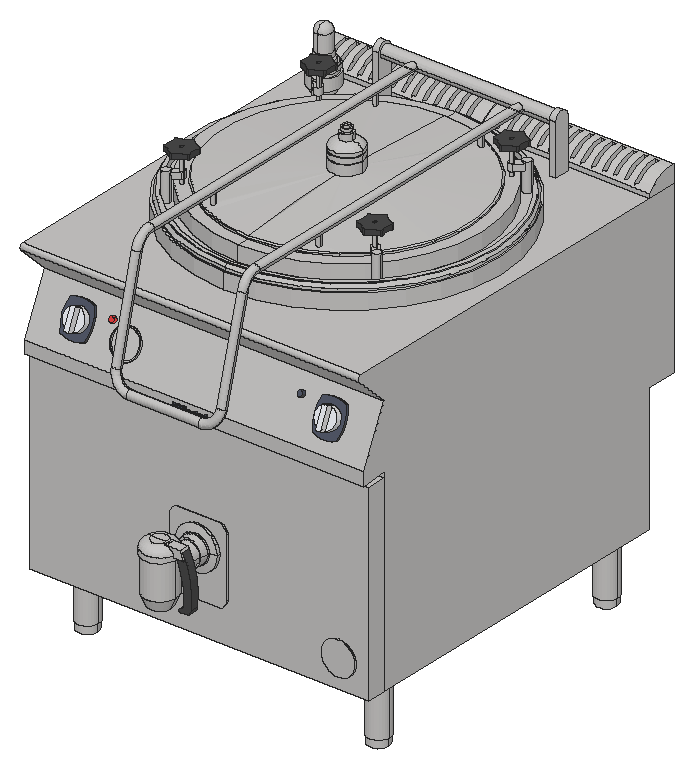
Revit family "QF_ELECTROLUXPROFESSIONAL_391613_E9NNFTBAMEC", category Attrezzature speciali, Revit 2021 (continued)
Automatic sketch dimensions
  Extrusion 32 sketch curve to Extrusion 32 sketch curve = 44.393 mm
  Extrusion 32 sketch curve to plane 19 = 55.467 mm  (x2)
  Extrusion 32 sketch curve to Extrusion 32 sketch curve = 44.425 mm
  Extrusion 32 sketch curve to plane 18 = 113.578 mm  (x2)
  Extrusion 32 sketch curve to plane 18 = 67.123 mm  (x4)
  Extrusion 32 sketch curve to plane 18 = 50.268 mm  (x2)
  Extrusion 32 sketch curve to plane 18 = 24.667 mm  (x2)
  Extrusion 32 sketch curve to plane 18 = 22.73 mm  (x2)
  Extrusion 32 sketch curve to plane 18 = 22.698 mm  (x2)
  plane 18 to Extrusion 32 sketch curve = 6.011 mm  (x4)
  plane 18 to Extrusion 32 sketch curve = 25.788 mm  (x2)
  Extrusion 32 sketch curve to Extrusion 32 sketch curve = 47.449 mm  (x2)
  Extrusion 32 sketch curve to Extrusion 32 sketch curve = 15.403 mm  (x4)
  Extrusion 32 sketch curve to plane 8 "Center X" = 121.606 mm  (x2)
  Extrusion 32 sketch curve to Extrusion 32 sketch curve = 47.479 mm  (x2)
  Revolve 33 sketch curve to plane 7 "Center Y" = 0 mm  (x2)
  plane 7 "Center Y" to Revolve 33 sketch curve = 20.039 mm
  plane 7 "Center Y" to Revolve 33 sketch curve = 26.476 mm
  Revolve 33 sketch curve to Revolve 33 sketch curve = 17.448 mm
  Revolve 33 sketch curve to Revolve 33 sketch curve = 3.622 mm
  plane 9 "Base" to Revolve 33 sketch curve = 106.66 mm
  Revolve 33 sketch curve to Revolve 33 sketch curve = 9.34 mm
  Revolve 33 sketch curve to Revolve 33 sketch curve = 25 mm
  Revolve 33 sketch curve to Revolve 33 sketch curve = 83.963 mm
  Revolve 33 sketch curve to Revolve 33 sketch curve = 7.566 mm
  Revolve 33 sketch curve to Revolve 33 sketch curve = 12.044 mm
  Revolve 33 sketch curve to Revolve 33 sketch curve = 22.59 mm
  Extrusion 34 sketch curve to plane 17 = 99.149 mm
  Extrusion 34 sketch curve to Extrusion 34 sketch curve = 43.767 mm
  plane 7 "Center Y" to Extrusion 34 sketch curve = 38.183 mm
  plane 7 "Center Y" to Extrusion 34 sketch curve = 50.92 mm
  Extrusion 34 sketch curve to Extrusion 34 sketch curve = 3.423 mm
  Extrusion 34 sketch curve to Extrusion 34 sketch curve = 0 mm
  Extrusion 34 sketch curve to Extrusion 34 sketch curve = 0.693 mm
  Extrusion 34 sketch curve to Extrusion 34 sketch curve = 0.284 mm
  Extrusion 34 sketch curve to Extrusion 34 sketch curve = 22.359 mm
  Extrusion 34 sketch curve to Extrusion 34 sketch curve = 7.729 mm
  Extrusion 34 sketch curve to Extrusion 34 sketch curve = 8.743 mm
  Extrusion 34 sketch curve to Extrusion 34 sketch curve = 1.357 mm
  Extrusion 34 sketch curve to Extrusion 34 sketch curve = 9.852 mm
  plane 9 "Base" to Extrusion 34 sketch curve = 120.686 mm
  Extrusion 34 sketch curve to Extrusion 34 sketch curve = 2.347 mm
  Extrusion 34 sketch curve to Extrusion 34 sketch curve = 3.764 mm
  Extrusion 34 sketch curve to Extrusion 34 sketch curve = 0.821 mm
  plane 9 "Base" to Extrusion 34 sketch curve = 151.038 mm
  Extrusion 35 sketch curve to plane 7 "Center Y" = 9.756 mm
  plane 7 "Center Y" to Extrusion 35 sketch curve = 2.961 mm
  plane 7 "Center Y" to Extrusion 35 sketch curve = 15.663 mm
  Extrusion 35 sketch curve to Extrusion 35 sketch curve = 21.173 mm
  Extrusion 35 sketch curve to Extrusion 35 sketch curve = 19.905 mm
  Extrusion 35 sketch curve to Extrusion 35 sketch curve = 7.134 mm
  plane 9 "Base" to Extrusion 35 sketch curve = 220.162 mm
  Extrusion 35 sketch curve to Extrusion 35 sketch curve = 0.322 mm
  Extrusion 36 sketch curve to Extrusion 3 = 29 mm
  Revolve 37 sketch curve to plane 7 "Center Y" = 0 mm  (x2)
  plane 7 "Center Y" to Revolve 37 sketch curve = 6.853 mm
  plane 7 "Center Y" to Revolve 37 sketch curve = 9.619 mm
  plane 7 "Center Y" to Revolve 37 sketch curve = 10.424 mm
  Revolve 37 sketch curve to Revolve 37 sketch curve = 5 mm  (x5)
  plane 7 "Center Y" to Revolve 37 sketch curve = 26.874 mm
  Revolve 37 sketch curve to Revolve 37 sketch curve = 24.24 mm
  Revolve 37 sketch curve to Revolve 37 sketch curve = 0 mm  (x2)
  Revolve 37 sketch curve to Revolve 37 sketch curve = 2.21 mm  (x2)
  Revolve 37 sketch curve to Revolve 37 sketch curve = 10 mm
  plane 6 "TOP" to Revolve 37 sketch curve = 84.683 mm
  Revolve 37 sketch curve to Revolve 37 sketch curve = 16.26 mm
  Revolve 37 sketch curve to Revolve 37 sketch curve = 22.675 mm
  Revolve 37 sketch curve to Revolve 37 sketch curve = 2.956 mm  (x2)
  Revolve 37 sketch curve to Revolve 37 sketch curve = 4.59 mm
  Revolve 37 sketch curve to Revolve 37 sketch curve = 11.003 mm
  Revolve 37 sketch curve to Revolve 37 sketch curve = 7.062 mm
  Revolve 37 sketch curve to Revolve 37 sketch curve = 13.329 mm
  Revolve 37 sketch curve to Revolve 37 sketch curve = 2.791 mm
  plane 8 "Center X" to Revolve 38 sketch curve = 88.898 mm
  Revolve 38 sketch curve to plane 11 = 146.808 mm
  Revolve 38 sketch curve to Revolve 38 sketch curve = 5 mm
  Revolve 38 sketch curve to Revolve 38 sketch curve = 4.913 mm
  Revolve 38 sketch curve to Revolve 38 sketch curve = 13.837 mm
  Revolve 38 sketch curve to Revolve 38 sketch curve = 24.332 mm
  Revolve 38 sketch curve to Revolve 38 sketch curve = 29.332 mm
  Revolve 38 sketch curve to Revolve 38 sketch curve = 2.777 mm  (x2)
  Revolve 38 sketch curve to Revolve 38 sketch curve = 288.723 mm
  Revolve 38 sketch curve to Revolve 38 sketch curve = 0 mm
  Revolve 38 sketch curve to Revolve 38 sketch curve = 2509.206 mm
  Revolve 38 sketch curve to Revolve 38 sketch curve = 37.198 mm
  Revolve 38 sketch curve to Revolve 38 sketch curve = 1.927 mm
  Revolve 38 sketch curve to Revolve 38 sketch curve = 40.825 mm
  Revolve 38 sketch curve to Revolve 38 sketch curve = 5.725 mm
  Revolve 38 sketch curve to Revolve 38 sketch curve = 8.509 mm
  Revolve 38 sketch curve to Revolve 38 sketch curve = 1.804 mm
  Revolve 38 sketch curve to Revolve 38 sketch curve = 35.657 mm
  Revolve 38 sketch curve to Revolve 38 sketch curve = 3.37 mm
  Revolve 38 sketch curve to Revolve 38 sketch curve = 6.257 mm
  Extrusion 39 sketch curve to plane 17 = 124.074 mm  (x2)
  Extrusion 39 sketch curve to plane 18 = 124.074 mm  (x2)
  Extrusion 39 sketch curve to Extrusion 39 sketch curve = 0 mm  (x2)
  Extrusion 39 sketch curve to Extrusion 39 sketch curve = 478.257 mm
  Revolve 40 sketch curve to plane 7 "Center Y" = 0 mm  (x2)
  plane 7 "Center Y" to Revolve 40 sketch curve = 6.853 mm
  plane 7 "Center Y" to Revolve 40 sketch curve = 9.619 mm
  plane 7 "Center Y" to Revolve 40 sketch curve = 10.424 mm
  Revolve 40 sketch curve to Revolve 40 sketch curve = 5 mm  (x5)
  plane 7 "Center Y" to Revolve 40 sketch curve = 26.874 mm
  Revolve 40 sketch curve to Revolve 40 sketch curve = 24.24 mm
  Revolve 40 sketch curve to Revolve 40 sketch curve = 0 mm  (x2)
  Revolve 40 sketch curve to Revolve 40 sketch curve = 2.21 mm  (x2)
  Revolve 40 sketch curve to Revolve 40 sketch curve = 10 mm
  Revolve 40 sketch curve to Revolve 40 sketch curve = 16.26 mm
  Revolve 40 sketch curve to Revolve 40 sketch curve = 22.675 mm
  Revolve 40 sketch curve to Revolve 40 sketch curve = 2.956 mm  (x2)
  Revolve 40 sketch curve to Revolve 40 sketch curve = 4.59 mm
  Revolve 40 sketch curve to Revolve 40 sketch curve = 11.003 mm
  Revolve 40 sketch curve to Revolve 40 sketch curve = 7.062 mm
  Revolve 40 sketch curve to Revolve 40 sketch curve = 13.329 mm
  Revolve 40 sketch curve to Revolve 40 sketch curve = 2.791 mm
  Sweep 41 sketch curve to profile plane = 0 mm  (x2)
  Sweep 42 sketch curve to profile plane = 0 mm  (x2)
  Revolve 43 sketch curve to plane 9 "Base" = 0 mm  (x2)
  Revolve 43 sketch curve to level = 0 mm
  Revolve 43 sketch curve to plane 13 = 0 mm  (x2)
  Revolve 43 sketch curve to plane 14 = 21.9 mm
  Revolve 43 sketch curve to Revolve 43 sketch curve = 2.5 mm
  Revolve 43 sketch curve to Revolve 43 sketch curve = 20 mm
  level to Revolve 43 sketch curve = 19.05 mm
  Revolve 44 sketch curve to plane 9 "Base" = 0 mm  (x2)
  Revolve 44 sketch curve to level = 0 mm
  Revolve 44 sketch curve to plane 13 = 0 mm  (x2)
  Revolve 44 sketch curve to plane 14 = 21.9 mm
  Revolve 44 sketch curve to Revolve 44 sketch curve = 2.5 mm
  Revolve 44 sketch curve to Revolve 44 sketch curve = 20 mm
  level to Revolve 44 sketch curve = 19.05 mm
  plane 20 to curve 252 = 28 mm
  plane 20 to curve 251 = 2.273 mm
  plane 20 to curve 246 = 2.273 mm
  curve 245 to plane 20 = 8.418 mm
  curve 250 to plane 20 = 8.418 mm
  curve 255 to plane 20 = 15.168 mm
  curve 250 to curve 249 = 9.667 mm
  curve 230 to curve 248 = 8.036 mm
  plane 20 to Extrusion 3 sketch curve = 55.613 mm
  Extrusion 3 sketch curve to Extrusion 3 sketch curve = 45.814 mm
  Revolve 13 sketch curve to plane 20 = 47.277 mm
  Revolve 13 sketch curve to plane 20 = 15.168 mm
  plane 20 to Revolve 13 sketch curve = 9.163 mm
  plane 20 to Revolve 13 sketch curve = 28 mm
  Extrusion 18 sketch curve to plane 20 = 97.372 mm  (x2)
  Extrusion 30 sketch curve to plane 20 = 140.045 mm  (x2)
  curve 200 to curve 257 = 0.996 mm
  radius of Extrusion 6 sketch curve = 40 mm
  radius of Extrusion 6 sketch curve = 20 mm
  radius of Extrusion 8 sketch curve = 25.4 mm  (x2)
  radius of Extrusion 9 sketch curve to Extrusion 8 = 0 mm  (x4)
  radius of Extrusion 10 sketch curve = 6.35 mm
  radius of Extrusion 11 sketch curve = 6.35 mm
  radius of Extrusion 18 sketch curve = 5 mm  (x4)
  radius of Extrusion 19 sketch curve = 6.35 mm
  radius of Extrusion 20 sketch curve = 6.35 mm
  radius of Extrusion 21 sketch curve = 9.5 mm  (x2)
  radius of Extrusion 24 sketch curve = 15 mm
  radius of Extrusion 26 sketch curve = 35 mm
  radius of Extrusion 27 sketch curve to Extrusion 26 = 2 mm
  radius of Split face 1 sketch curve to Extrusion 27 = 30.65 mm  (x2)
  radius of Extrusion 29 sketch curve = 9.5 mm  (x4)
  radius of Extrusion 31 sketch curve = 4 mm  (x4)
  radius of Extrusion 36 sketch curve = 4 mm
  radius of Extrusion 39 sketch curve = 5 mm  (x4)
  radius of Sweep 41 sketch curve = 9.5 mm
  radius of Sweep 42 sketch curve = 9.5 mm
Connectors
  electrical at (729, -721, 137)
    settings: on Extrusion 20, index 1, voltage 230 V, apparent load 20 VA, apparent load phase1 0 VA, apparent load phase2 0 VA, apparent load phase3 0 VA, power factor 1, load classification "Other", number of poles 1, system type 30, power factor state 1, is connector primary yes, connector utility no, sub classification motor no, connector description "ELECTRICAL CONNECTION"
  piping at (746, -655, 137), diameter 12.8
    settings: on Extrusion 19, index 2, connector inside diameter 0.50394", connector length 0 mm, flow factor 0, pipe flow 0 GPM, pressure drop 0.00 psi, fitting loss kfactor 0, connector angle 0.00°, fixture units 0, engagement length 0 mm, angle of deflection 0.00°, flow configuration 1, flow direction 1, fitting loss method 0, system type 7, joint type 0, gender type 0, connector reference index -1, connector utility 0, adjustable connector no, is connector primary yes, connector description "GAS CONNECTION"
  piping at (46, -646, 137), diameter 19
    settings: on Extrusion 21, index 3, connector inside diameter 0.74803", connector length 0 mm, flow factor 0, pipe flow 0 GPM, pressure drop 0.00 psi, fitting loss kfactor 0, connector angle 0.00°, fixture units 0, engagement length 0 mm, angle of deflection 0.00°, flow configuration 1, flow direction 1, fitting loss method 0, system type 19, joint type 0, gender type 0, connector reference index -1, connector utility 0, adjustable connector no, is connector primary no, connector description "HOT WATER INLET"
  piping at (46, -716, 137), diameter 19
    settings: on Extrusion 21, index 4, connector inside diameter 0.74803", connector length 0 mm, flow factor 0, pipe flow 0 GPM, pressure drop 0.00 psi, fitting loss kfactor 0, connector angle 0.00°, fixture units 0, engagement length 0 mm, angle of deflection 0.00°, flow configuration 1, flow direction 1, fitting loss method 0, system type 20, joint type 0, gender type 0, connector reference index -1, connector utility 0, adjustable connector no, is connector primary no, connector description "COLD WATER INLET"
